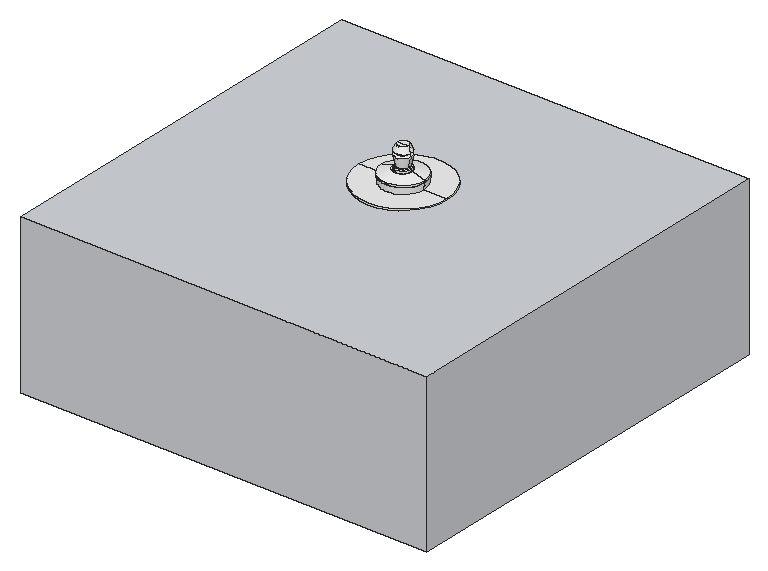
Revit family "Deca_V+ílvula de Escoamento_1602.C", category Conexões hidráulicas, Revit 2013
Parameters (values of type "1602.C_Cromado CR10")
  WFU = 0
  Válvula = Deca CR10 Cromado Metal
  Vendido Separadamente = "Não Aplicável"  # constant formula
  Variações de COR = "Cromado com tampão plástico (1602.C.PLA); Cromado (1602.C), Dourado (1602.D)"  # constant formula
  URL = "www.deca.com.br/produtos"
  Segmento = "Competitivo"  # constant formula
  Raio Água Fria = 7.5 mm  # constant formula
  Produto = "Válvula de escoamento para lavatório / cuba / bidê"  # constant formula
  Pressão = "2 A 40 mca"  # constant formula
  Peso Liquido (Kg) = 0.124  # constant formula
  Norma = "ABNT NBR 15423:2006"  # constant formula
  Modelo = Código  # "1602.C"
  Material = "Latão Cromado e Plástico de Engenharia"  # constant formula
  Fabricante = "Deca"  # constant formula
  Louça/Metais = "Metal"  # constant formula
  Linha = "Válvula de escoamento"  # constant formula
  Informações Complementares = "Não Aplicável"  # constant formula
  Flow Pressure = 0.00 psi
  Diâmetro Água Fria = Raio Água Fria * 2  # 15 mm
  Descrição = "Válvula de escoamento para lavatório / cuba / bidê"  # constant formula
  Default Elevation = 0 mm
  Código = "1602.C"
  Criado por = "Contino/quattroD"  # constant formula
  Consumo = "Varia com a pressão"  # constant formula
  CWFU = 0
  Atendimento ao Cliente = "0800-0117073"  # constant formula
  Código de montagem = "D2020"
  Aprovado por = "Contino/quattroD"  # constant formula
  Acompanha o Produto = ""
Types (4, lengths in mm): name | Válvula | Modelo | Código
  (no name) | Deca CR10 Cromado Metal | "1602.C" | "1602.C"
  1602.C_Cromado CR10 | Deca CR10 Cromado Metal | "1602.C" | "1602.C"
  1602.D_Dourado | Deca GLD Gold Metal | "1602.D" | "1602.D"
  1602.C.PLA_Cromado com tampão plástico | Deca CR10 Cromado Metal | "1602.C.PLA" | "1602.C.PLA"
Reference planes
  plane 1 "Center (Front/Back)": y = -110
  plane 2: z = 0
  plane 3 "Center (Left/Right)": x = 0
  plane 4 "Left 1": x = -27.973
  plane 5 "Back 1": y = -82.007
  plane 6 "Front  1": y = -137.973
  plane 7 "Right 1": x = 27.993
  plane 8 "Top 1": z = 29.377
Forms (mm)
  Extrusion 1, solid
    sketch origin (0, 0, 0) x (1, 0, 0) y (0, 1, 0)
      loop
        line (-135, 10) -> (-135, -245.993) -> (123.771, -245.993) -> (123.771, 10) -> (-135, 10)
    from 0 to -100
  Revolve 2, solid, material "Deca CR10 Cromado Metal" <- "Válvula"
    sketch origin (0, -110, 0) x (1, 0, 0) y (0, 0, 1)
      loop
        line (0, 0) -> (0, 29.381) -> (-3.35, 29.381) -> (-5.1, 26.177)
        arc (-5.1, 26.177) -> (-4.246, 25.764) -> (-3.9, 24.881) r 1.3
        arc (-3.9, 24.881) -> (-4.246, 23.998) -> (-5.1, 23.585) r 1.3
        line (-5.1, 23.585) -> (-3.77, 17.598)
        arc (-3.77, 17.598) -> (-3.772, 17.154) -> (-3.966, 16.755) r 1
        arc (-3.966, 16.755) -> (-4.433, 16.431) -> (-5, 16.413) r 1.001
        line (-5, 16.413) -> (-5, 15.381) -> (-6, 15.381) -> (-13.576, 13.216) -> (-13.576, 12.381) -> (-12.763, 12.381) -> (-13.529, 11.837) -> (-13.202, 8.103) -> (-28, 8.103) -> (-28, 7.208) -> (-14.972, 5.795)
        arc (-14.972, 5.795) -> (-14.299, 5.468) -> (-13.986, 4.788) r 1.11
        line (-13.986, 4.788) -> (-13.567, 0) -> (0, 0)
      axis (0, 29.381) -> (0, 0)
    angle from 0 to 360
Lines and regions (mm)
  Masking region 1
    outline origin (0, 0, 0) x (1, 0, 0) y (0, 1, 0)
      loop
        circle (0, -110) r 27.973
  Masking region 2
    outline origin (0, -110, 0) x (1, 0, 0) y (0, 0, 1)
      loop
        arc (-5.1, 26.177) -> (-4.246, 25.764) -> (-3.9, 24.881) r 1.3
        arc (-3.9, 24.881) -> (-4.246, 23.998) -> (-5.1, 23.585) r 1.3
        line (-5.1, 23.585) -> (-3.77, 17.598)
        arc (-3.77, 17.598) -> (-3.772, 17.154) -> (-3.966, 16.755) r 1
        arc (-3.966, 16.755) -> (-4.433, 16.431) -> (-5, 16.413) r 1.001
        line (-5, 16.413) -> (-5, 15.381) -> (-6, 15.381) -> (-13.576, 13.216) -> (-13.576, 12.381) -> (-12.763, 12.381) -> (-13.529, 11.837) -> (-13.202, 8.103) -> (-28, 8.103) -> (-28, 7.208) -> (-14.972, 5.795)
        arc (-14.972, 5.795) -> (-14.299, 5.468) -> (-13.986, 4.788) r 1.11
        line (-13.986, 4.788) -> (-13.567, 0) -> (0, 0) -> (13.567, 0) -> (13.986, 4.788)
        arc (13.986, 4.788) -> (14.299, 5.468) -> (14.972, 5.795) r 1.11
        line (14.972, 5.795) -> (28, 7.208) -> (28, 8.103) -> (13.202, 8.103) -> (13.529, 11.837) -> (12.763, 12.381) -> (13.576, 12.381) -> (13.576, 13.216) -> (6, 15.381) -> (5, 15.381) -> (5, 16.413)
        arc (5, 16.413) -> (4.433, 16.431) -> (3.966, 16.755) r 1.001
        arc (3.966, 16.755) -> (3.772, 17.154) -> (3.77, 17.598) r 1
        line (3.77, 17.598) -> (5.1, 23.585)
        arc (5.1, 23.585) -> (4.246, 23.998) -> (3.9, 24.881) r 1.3
        arc (3.9, 24.881) -> (4.246, 25.764) -> (5.1, 26.177) r 1.3
        line (5.1, 26.177) -> (3.35, 29.381) -> (0, 29.381) -> (-3.35, 29.381) -> (-5.1, 26.177)
  Masking region 3
    outline origin (0, 0, 0) x (0, 1, 0) y (0, 0, 1)
      loop
        arc (-115.1, 26.184) -> (-114.246, 25.771) -> (-113.9, 24.888) r 1.3
        arc (-113.9, 24.888) -> (-114.246, 24.005) -> (-115.1, 23.592) r 1.3
        line (-115.1, 23.592) -> (-113.77, 17.605)
        arc (-113.77, 17.605) -> (-113.772, 17.161) -> (-113.966, 16.763) r 1
        arc (-113.966, 16.763) -> (-114.433, 16.439) -> (-115, 16.421) r 1.001
        line (-115, 16.421) -> (-115, 15.388) -> (-116, 15.388) -> (-123.576, 13.224) -> (-123.576, 12.388) -> (-122.795, 12.388) -> (-123.523, 11.777) -> (-123.202, 8.111) -> (-138, 8.111) -> (-138, 7.215) -> (-124.972, 5.802)
        arc (-124.972, 5.802) -> (-124.299, 5.475) -> (-123.986, 4.796) r 1.11
        line (-123.986, 4.796) -> (-123.567, 0) -> (-110, 0) -> (-96.433, 0) -> (-96.014, 4.796)
        arc (-96.014, 4.796) -> (-95.701, 5.475) -> (-95.028, 5.802) r 1.11
        line (-95.028, 5.802) -> (-82, 7.215) -> (-82, 8.111) -> (-96.798, 8.111) -> (-96.477, 11.777) -> (-97.205, 12.388) -> (-96.424, 12.388) -> (-96.424, 13.224) -> (-104, 15.388) -> (-105, 15.388) -> (-105, 16.421)
        arc (-105, 16.421) -> (-105.567, 16.439) -> (-106.034, 16.763) r 1.001
        arc (-106.034, 16.763) -> (-106.228, 17.161) -> (-106.23, 17.605) r 1
        line (-106.23, 17.605) -> (-104.9, 23.592)
        arc (-104.9, 23.592) -> (-105.754, 24.005) -> (-106.1, 24.888) r 1.3
        arc (-106.1, 24.888) -> (-105.754, 25.771) -> (-104.9, 26.184) r 1.3
        line (-104.9, 26.184) -> (-106.65, 29.388) -> (-113.35, 29.388) -> (-115.1, 26.184)
  symbolic lines
    curve 1: circle (0, -110, 0) r 13.431 normal (0, 0, 1)
    curve 2: circle (0, -110, 0) r 6 normal (0, 0, 1)
    curve 3: circle (0, -110, 0) r 3.35 normal (0, 0, 1)
    curve 4: circle (0, -110, 0) r 5.1 normal (0, 0, 1)
    curve 5: line (0, -110, 26.177) -> (-5.1, -110, 26.177)
    curve 6: line (0, -110, 24.881) -> (-3.9, -110, 24.881)
    curve 7: line (-5.1, -110, 23.585) -> (0, -110, 23.585)
    curve 8: line (0, -110, 17.598) -> (-3.77, -110, 17.598)
    curve 9: line (0, -110, 16.381) -> (-5, -110, 16.381)
    curve 10: line (0, -110, 16.755) -> (-3.966, -110, 16.755)
    curve 11: line (-13.576, -110, 13.065) -> (0, -110, 13.065)
    curve 12: line (0, -110, 12.381) -> (-12.763, -110, 12.381)
    curve 13: line (0, -110, 11.837) -> (-13.529, -110, 11.837)
    curve 14: line (0, -110, 8.103) -> (-13.202, -110, 8.103)
    curve 15: line (-28, -110, 7.208) -> (28, -110, 7.208)
    curve 16: line (0, -110, 5.795) -> (-14.973, -110, 5.795)
    curve 17: line (-13.986, -110, 4.788) -> (0, -110, 4.788)
    curve 18: line (0, -110, 15.381) -> (-5, -110, 15.381)
    curve 19: line (0, -110, 17.598) -> (3.77, -110, 17.598)
    curve 20: line (0, -110, 16.381) -> (5, -110, 16.381)
    curve 21: line (0, -110, 16.755) -> (3.966, -110, 16.755)
    curve 22: line (13.576, -110, 13.065) -> (0, -110, 13.065)
    curve 23: line (0, -110, 12.381) -> (12.763, -110, 12.381)
    curve 24: line (0, -110, 11.837) -> (13.529, -110, 11.837)
    curve 25: line (0, -110, 8.103) -> (13.202, -110, 8.103)
    curve 26: line (0, -110, 5.795) -> (14.973, -110, 5.795)
    curve 27: line (13.986, -110, 4.788) -> (0, -110, 4.788)
    curve 28: line (0, -110, 15.381) -> (5, -110, 15.381)
    curve 29: line (0, -110, 26.177) -> (5.1, -110, 26.177)
    curve 30: line (0, -110, 24.881) -> (3.9, -110, 24.881)
    curve 31: line (5.1, -110, 23.585) -> (0, -110, 23.585)
    curve 32: line (0, -106.1, 24.888) -> (0, -113.9, 24.888)
    curve 33: line (0, -104.9, 26.184) -> (0, -115.1, 26.184)
    curve 34: line (0, -115.1, 23.592) -> (0, -104.9, 23.592)
    curve 35: line (0, -106.23, 17.605) -> (0, -113.77, 17.605)
    curve 36: line (0, -106.034, 16.763) -> (0, -113.966, 16.763)
    curve 37: line (0, -105, 16.388) -> (0, -115, 16.388)
    curve 38: line (0, -104, 15.388) -> (0, -116, 15.388)
    curve 39: line (0, -123.576, 13.073) -> (0, -96.424, 13.073)
    curve 40: line (0, -123.431, 13.265) -> (0, -96.569, 13.265)
    curve 41: line (0, -97.205, 12.388) -> (0, -122.795, 12.388)
    curve 42: line (0, -123.202, 8.111) -> (0, -96.798, 8.111)
    curve 43: line (0, -82, 7.215) -> (0, -138, 7.215)
    curve 44: line (0, -95.027, 5.802) -> (0, -124.973, 5.802)
    curve 45: line (0, -123.986, 4.795) -> (0, -96.014, 4.795)
    curve 46: line (0, -123.523, 11.777) -> (0, -96.477, 11.777)
Dimensions and locks
  plane 4 "Left 1" to plane 7 "Right 1" = 55.966 mm  (x2)
  plane 6 "Front  1" to plane 5 "Back 1" = 55.966 mm  (x2)
  plane 2 to plane 8 "Top 1" = 29.377 mm
  plane 8 "Top 1" to Extrusion 1 = 29.377 mm
  aligned and locked: Extrusion 1 to plane 2
  aligned and locked: level to Extrusion 1
Connectors
  piping at (0, -110, 0), driven by "Flow Pressure", driven by "WFU", driven by "Diâmetro Água Fria"
    settings: on Revolve 2, index 1, connector radius 0.59055", flow factor 0, pipe flow 0 GPM, pressure drop 0.00 psi, fitting loss kfactor 0, connector angle 0.00°, fixture units 0, engagement length 0 mm, flow configuration 3, flow direction 2, fitting loss method 4, system type 16, joint type 0, gender type 0, connector reference index -1, connector utility 0, adjustable connector no, is connector primary yes, fitting loss table "", connector description ""
